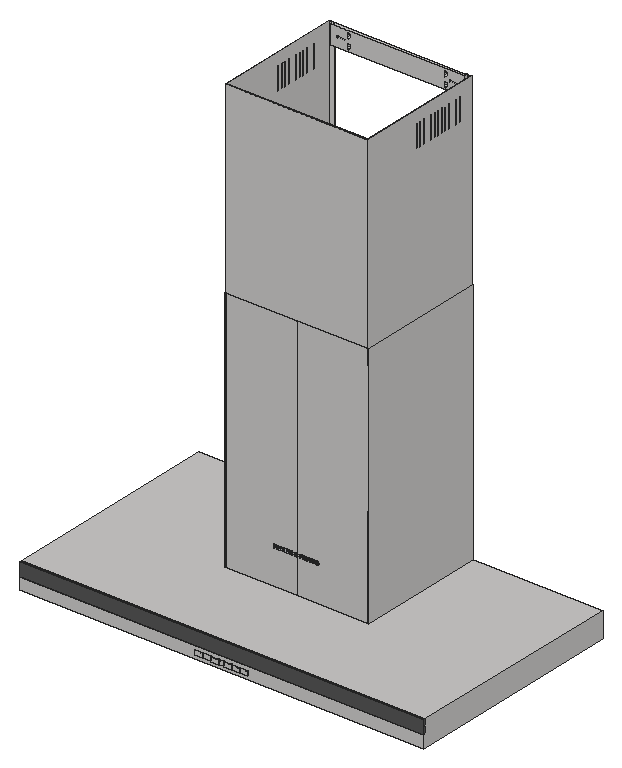
Revit family "FP_Revit_18_HC36DTXB2_N_Rangehood_90001864A", category Specialty Equipment, Revit 2018
Family settings
  Round Connector Dimension = Use Diameter
  Part Type = Normal
  OmniClass Number = 23.40.40.00
  OmniClass Title = Food Service Equipment and Furnishings
  Work Plane-Based = No
  Always vertical = Yes
  Cut with Voids When Loaded = Yes
  Shared = No
  Room Calculation Point = No
Parameters
  Visibility - Upper Chimney Extension [instance] = yes
  URL = "www.fisherpaykel.com"
  Product - Width = 900 mm  # constant formula
  Product - Height (635mm - 1022mm) Ducted [instance] = 1022 mm
  Product - Depth = 500 mm  # constant formula
  Model = "HC36DTXB2_N"
  Material - Display Panel = Fisher & Paykel - Glass, Black
  Material - Body = Fisher & Paykel - Stainless Steel
  Manufacturer = "Fisher & Paykel Appliances"
  FFL Offset [instance] = 1565 mm
  Description = "36\" Rangehood"
  Connector Description - Extraction = "6” (152 mm) diameter, rigid or semi-rigid ducting, 600 CFM"
  Connector Description - Electrical = "120 V, 60 Hz, 542 W"
  Chassis - Width = 320 mm  # constant formula
  Chassis - Height = 604 mm  # constant formula
  Chassis - Depth = 291 mm  # constant formula
Reference planes
  plane 1 "Datum": y = 0
  plane 2: z = 0
  plane 3 "Center (Left/Right)": x = 0
  plane 4 "Product LHS": x = -450
  plane 5 "Product RHS": x = 450
  plane 6 "Product - Depth": y = -500
  plane 7 "Cavity LHS": x = -160
  plane 8 "Cavity RHS": x = 160
  plane 9 "Chassis - Depth": y = -291
  plane 10 "FFL Offset": z = 1565
  plane 11 "Product - Height": z = 2587
Forms (mm)
  Extrusion 1, solid, material "Fisher & Paykel - Stainless Steel" <- "Material - Body"
    sketch origin (0, 0, 0) x (1, 0, 0) y (0, 1, 0)
      loop
        line (-145, 0) -> (-160, 0) -> (-160, -291) -> (0, -291) -> (160, -291) -> (160, 0) -> (145, 0) -> (145, -1) -> (159, -1) -> (159, -290) -> (-159, -290) -> (-159, -1) -> (-145, -1) -> (-145, 0)
    from 1621 to 2169
  Extrusion 2, solid, material "Fisher & Paykel - Stainless Steel" <- "Material - Body", visible <- "Visibility - Upper Chimney Extension"
    sketch origin (0, 0, 0) x (1, 0, 0) y (0, 1, 0)
      loop
        line (-158, -3) -> (-145, -3) -> (-145, -2) -> (-159, -2) -> (-159, -290) -> (159, -290) -> (159, -2) -> (145, -2) -> (145, -3) -> (158, -3) -> (158, -289.044) -> (-158, -289.044) -> (-158, -3)
    from 2136 to 2587
  Extrusion 3, solid, material "Fisher & Paykel - Stainless Steel" <- "Material - Body"
    sketch origin (0, 0, 0) x (1, 0, 0) y (0, 1, 0)
      loop
        line (-450, 0) -> (-450, -500) -> (450, -500) -> (450, 0) -> (-450, 0)
    from 1565 to 1621
  Extrusion 4, void
    sketch origin (0, 0, 0) x (0, 1, 0) y (0, 0, 1)
      loop
        line (-500, 1621) -> (-500, 1592.5) -> (-495, 1592.5) -> (-495, 1621) -> (-500, 1621)
    from -450 to 450
  Extrusion 5, solid, material "Fisher & Paykel - Glass, Black" <- "Material - Display Panel", detail levels fine
    sketch origin (0, 0, 1000) x (0, 1, 0) y (0, 0, 1)
      loop
        line (-495, 592.5) -> (-495, 621) -> (-500, 621) -> (-500, 592.5) -> (-495, 592.5)
    from -450 to 450
  Extrusion 6, solid, material "Fisher & Paykel - Stainless Steel" <- "Material - Body"
    sketch origin (0, 0, 0) x (1, 0, 0) y (0, 1, 0)
      loop
        line (159, -1) -> (-159, -1) -> (-159, -290) -> (159, -290) -> (159, -1)
    from 1621 to 1844.3
  Extrusion 7, solid, material "Fisher & Paykel - Stainless Steel" <- "Material - Body"
    sketch origin (0, 0, 0) x (1, 0, 0) y (0, 1, 0)
      loop
        circle (0, -83.502) r 73.896
      loop
        circle (0, -83.502) r 75.04
    from 1844.3 to 1921.3
  Extrusion 8, solid, material "Fisher & Paykel - Stainless Steel" <- "Material - Body"
    sketch origin (0, 0, 0) x (1, 0, 0) y (0, 0, 1)
      loop
        line (-145, 1857) -> (-145, 1833) -> (145, 1833) -> (145, 1857) -> (-145, 1857)
      loop
        line (-127.5, 1848) -> (-127.5, 1846.33)
        arc (-127.5, 1846.33) -> (-125, 1837) -> (-122.5, 1846.33) r 5
        line (-122.5, 1846.33) -> (-122.5, 1848)
        arc (-122.5, 1848) -> (-125, 1850.5) -> (-127.5, 1848) r 2.5
      loop
        line (122.5, 1848) -> (122.5, 1846.33)
        arc (122.5, 1846.33) -> (125, 1837) -> (127.5, 1846.33) r 5
        line (127.5, 1846.33) -> (127.5, 1848)
        arc (127.5, 1848) -> (125, 1850.5) -> (122.5, 1848) r 2.5
    from 0 to 2
  Extrusion 9, solid, material "Fisher & Paykel - Stainless Steel" <- "Material - Body", visible <- "Visibility - Upper Chimney Extension"
    sketch origin (0, 0, 0) x (1, 0, 0) y (0, 0, 1)
      loop
        line (-150, 2544.811) -> (150, 2544.811) -> (150, 2587) -> (-150, 2587) -> (-150, 2544.811)
      loop
        line (104, 2578.5) -> (104, 2574.5)
        arc (104, 2574.5) -> (108, 2570.5) -> (112, 2574.5) r 4
        line (112, 2574.5) -> (112, 2578.5)
        arc (112, 2578.5) -> (108, 2582.5) -> (104, 2578.5) r 4
      loop
        arc (112, 2557.5) -> (108, 2561.5) -> (104, 2557.5) r 4
        line (104, 2557.5) -> (104, 2552.794)
        arc (104, 2552.794) -> (108, 2549.544) -> (112, 2552.794) r 4.087
        line (112, 2552.794) -> (112, 2557.5)
      loop
        arc (117.5, 2568.5) -> (115, 2566) -> (117.5, 2563.5) r 2.5
        line (117.5, 2563.5) -> (132.5, 2563.5)
        arc (132.5, 2563.5) -> (135, 2566) -> (132.5, 2568.5) r 2.5
        line (132.5, 2568.5) -> (117.5, 2568.5)
      loop
        arc (-104, 2578.5) -> (-108, 2582.5) -> (-112, 2578.5) r 4
        line (-112, 2578.5) -> (-112, 2574.5)
        arc (-112, 2574.5) -> (-108, 2570.5) -> (-104, 2574.5) r 4
        line (-104, 2574.5) -> (-104, 2578.5)
      loop
        line (-112, 2557.5) -> (-112, 2552.794)
        arc (-112, 2552.794) -> (-108, 2549.544) -> (-104, 2552.794) r 4.087
        line (-104, 2552.794) -> (-104, 2557.5)
        arc (-104, 2557.5) -> (-108, 2561.5) -> (-112, 2557.5) r 4
      loop
        line (-117.5, 2568.5) -> (-132.5, 2568.5)
        arc (-132.5, 2568.5) -> (-135, 2566) -> (-132.5, 2563.5) r 2.5
        line (-132.5, 2563.5) -> (-117.5, 2563.5)
        arc (-117.5, 2563.5) -> (-115, 2566) -> (-117.5, 2568.5) r 2.5
    from 3 to 9
  Extrusion 10, void
    sketch origin (0, 0, 0) x (0, 1, 0) y (0, 0, 1)
      loop
        line (-158, 2559.5) -> (-158, 2509.5)
        arc (-158, 2509.5) -> (-155.5, 2507) -> (-153, 2509.5) r 2.5
        line (-153, 2509.5) -> (-153, 2559.5)
        arc (-153, 2559.5) -> (-155.5, 2562) -> (-158, 2559.5) r 2.5
      loop
        line (-148, 2559.5) -> (-148, 2509.5)
        arc (-148, 2509.5) -> (-145.5, 2507) -> (-143, 2509.5) r 2.5
        line (-143, 2509.5) -> (-143, 2559.5)
        arc (-143, 2559.5) -> (-145.5, 2562) -> (-148, 2559.5) r 2.5
      loop
        line (-138, 2559.5) -> (-138, 2509.5)
        arc (-138, 2509.5) -> (-135.5, 2507) -> (-133, 2509.5) r 2.5
        line (-133, 2509.5) -> (-133, 2559.5)
        arc (-133, 2559.5) -> (-135.5, 2562) -> (-138, 2559.5) r 2.5
      loop
        line (-128, 2559.5) -> (-128, 2509.5)
        arc (-128, 2509.5) -> (-125.5, 2507) -> (-123, 2509.5) r 2.5
        line (-123, 2509.5) -> (-123, 2559.5)
        arc (-123, 2559.5) -> (-125.5, 2562) -> (-128, 2559.5) r 2.5
      loop
        line (-118, 2559.5) -> (-118, 2509.5)
        arc (-118, 2509.5) -> (-115.5, 2507) -> (-113, 2509.5) r 2.5
        line (-113, 2509.5) -> (-113, 2559.5)
        arc (-113, 2559.5) -> (-115.5, 2562) -> (-118, 2559.5) r 2.5
      loop
        line (-108, 2559.5) -> (-108, 2509.5)
        arc (-108, 2509.5) -> (-105.5, 2507) -> (-103, 2509.5) r 2.5
        line (-103, 2509.5) -> (-103, 2559.5)
        arc (-103, 2559.5) -> (-105.5, 2562) -> (-108, 2559.5) r 2.5
      loop
        line (-98, 2559.5) -> (-98, 2509.5)
        arc (-98, 2509.5) -> (-95.5, 2507) -> (-93, 2509.5) r 2.5
        line (-93, 2509.5) -> (-93, 2559.5)
        arc (-93, 2559.5) -> (-95.5, 2562) -> (-98, 2559.5) r 2.5
      loop
        line (-88, 2559.5) -> (-88, 2509.5)
        arc (-88, 2509.5) -> (-85.5, 2507) -> (-83, 2509.5) r 2.5
        line (-83, 2509.5) -> (-83, 2559.5)
        arc (-83, 2559.5) -> (-85.5, 2562) -> (-88, 2559.5) r 2.5
      loop
        line (-78, 2559.5) -> (-78, 2509.5)
        arc (-78, 2509.5) -> (-75.5, 2507) -> (-73, 2509.5) r 2.5
        line (-73, 2509.5) -> (-73, 2559.5)
        arc (-73, 2559.5) -> (-75.5, 2562) -> (-78, 2559.5) r 2.5
      loop
        line (-68, 2559.5) -> (-68, 2509.5)
        arc (-68, 2509.5) -> (-65.5, 2507) -> (-63, 2509.5) r 2.5
        line (-63, 2509.5) -> (-63, 2559.5)
        arc (-63, 2559.5) -> (-65.5, 2562) -> (-68, 2559.5) r 2.5
      loop
        line (-58, 2559.5) -> (-58, 2509.5)
        arc (-58, 2509.5) -> (-55.5, 2507) -> (-53, 2509.5) r 2.5
        line (-53, 2509.5) -> (-53, 2559.5)
        arc (-53, 2559.5) -> (-55.5, 2562) -> (-58, 2559.5) r 2.5
      loop
        line (-48, 2559.5) -> (-48, 2509.5)
        arc (-48, 2509.5) -> (-45.5, 2507) -> (-43, 2509.5) r 2.5
        line (-43, 2509.5) -> (-43, 2559.5)
        arc (-43, 2559.5) -> (-45.5, 2562) -> (-48, 2559.5) r 2.5
      loop
        line (-38, 2559.5) -> (-38, 2509.5)
        arc (-38, 2509.5) -> (-35.5, 2507) -> (-33, 2509.5) r 2.5
        line (-33, 2509.5) -> (-33, 2559.5)
        arc (-33, 2559.5) -> (-35.5, 2562) -> (-38, 2559.5) r 2.5
    from -159 to 159
  Extrusion 11, solid, material "Fisher & Paykel - Stainless Steel" <- "Material - Body", detail levels fine
    sketch origin (0, 0, 1000) x (1, 0, 0) y (0, 0, 1)
      loop
        line (-59, 583) -> (-59, 573) -> (-41.5, 573) -> (-41.5, 583) -> (-59, 583)
      loop
        line (-41, 583) -> (-41, 573) -> (-23.5, 573) -> (-23.5, 583) -> (-41, 583)
      loop
        line (-23, 583) -> (-23, 573) -> (-5.5, 573) -> (-5.5, 583) -> (-23, 583)
      loop
        line (-5, 583) -> (-5, 573) -> (5, 573) -> (5, 583) -> (-5, 583)
      loop
        line (59, 583) -> (41.5, 583) -> (41.5, 573) -> (59, 573) -> (59, 583)
      loop
        line (41, 583) -> (23.5, 583) -> (23.5, 573) -> (41, 573) -> (41, 583)
      loop
        line (23, 583) -> (5.5, 583) -> (5.5, 573) -> (23, 573) -> (23, 583)
    from 500 to 501
  Extrusion 12, solid, material "Fisher & Paykel - Stainless Steel" <- "Material - Body"
    sketch origin (0, 0, 0) x (1, 0, 0) y (0, 0, 1)
      loop
        line (145, 2131) -> (-145.5, 2131) -> (-145.5, 2091) -> (145, 2091) -> (145, 2131)
      loop
        line (125, 2113.5) -> (110, 2113.5)
        arc (110, 2113.5) -> (107.5, 2111) -> (110, 2108.5) r 2.5
        line (110, 2108.5) -> (125, 2108.5)
        arc (125, 2108.5) -> (127.5, 2111) -> (125, 2113.5) r 2.5
      loop
        line (-110.5, 2113.5) -> (-125.5, 2113.5)
        arc (-125.5, 2113.5) -> (-128, 2111) -> (-125.5, 2108.5) r 2.5
        line (-125.5, 2108.5) -> (-110.5, 2108.5)
        arc (-110.5, 2108.5) -> (-108, 2111) -> (-110.5, 2113.5) r 2.5
    from 2 to 9
  Extrusion 13, solid, material "Fisher & Paykel - Stainless Steel" <- "Material - Body"
    sketch origin (0, 0, 0) x (1, 0, 0) y (0, 0, 1)
      loop
        line (107.5, 1844.3) -> (108.5, 1844.3) -> (108.5, 1970.3) -> (66.5, 1970.3) -> (66.5, 1880.3) -> (107.5, 1880.3) -> (107.5, 1844.3)
    from 126.369 to 163.604
  Extrusion 14, solid, material "Fisher & Paykel - Stainless Steel" <- "Material - Body"
    sketch origin (0, 0, 0) x (1, 0, 0) y (0, 1, 0)
      loop
        circle (87.5, -146) r 6.01
      loop
        circle (87.5, -146) r 12.005
    from 1970.3 to 1972.3
  Extrusion 15, void
    sketch origin (0, 0, 0) x (1, 0, 0) y (0, 1, 0)
      loop
        line (-390.5, -403) -> (390.5, -403) -> (390.5, -81) -> (-390.5, -81) -> (-390.5, -403)
      loop
        circle (-117, -47) r 25
      loop
        circle (117, -47) r 25
    from 1565 to 1574
  Extrusion 16, solid, material "Fisher & Paykel - Stainless Steel" <- "Material - Body", detail levels fine
    sketch origin (0, 0, 0) x (1, 0, 0) y (0, 1, 0)
      loop
        line (389, -82.5) -> (130.5, -82.5) -> (130.5, -401.5) -> (389, -401.5) -> (389, -82.5)
      loop
        line (140.5, -391) -> (241, -391) -> (241, -347.5) -> (278, -347.5) -> (278, -391) -> (379, -391) -> (379, -93) -> (140.5, -93) -> (140.5, -391)
      loop
        line (270, -353.5) -> (249, -353.5) -> (249, -391) -> (270, -391) -> (270, -353.5)
      loop
        line (-388.997, -82.5) -> (-388.997, -401.5) -> (-130.497, -401.5) -> (-130.497, -82.5) -> (-388.997, -82.5)
      loop
        line (-140.497, -391) -> (-140.497, -93) -> (-378.997, -93) -> (-378.997, -391) -> (-278.497, -391) -> (-278.497, -347.5) -> (-241.497, -347.5) -> (-241.497, -391) -> (-140.497, -391)
      loop
        line (-270.497, -353.5) -> (-270.497, -391) -> (-249.497, -391) -> (-249.497, -353.5) -> (-270.497, -353.5)
      loop
        line (129, -82.5) -> (-129, -82.5) -> (-129, -401.5) -> (129, -401.5) -> (129, -82.5)
      loop
        line (-119, -391) -> (-18.5, -391) -> (-18.5, -347.5) -> (18.5, -347.5) -> (18.5, -391) -> (119, -391) -> (119, -93) -> (-119, -93) -> (-119, -391)
      loop
        line (10.5, -353.5) -> (-10.5, -353.5) -> (-10.5, -391) -> (10.5, -391) -> (10.5, -353.5)
    from 1565 to 1574
  Extrusion 17, solid, material "Fisher & Paykel - Aluminium", detail levels medium+fine
    sketch origin (0, 0, 0) x (1, 0, 0) y (0, 1, 0)
      loop
        line (379, -93) -> (140.5, -93) -> (140.5, -391) -> (241, -391) -> (241, -347.5) -> (278, -347.5) -> (278, -391) -> (379, -391) -> (379, -93)
      loop
        line (119, -93) -> (-119, -93) -> (-119, -391) -> (-18.5, -391) -> (-18.5, -347.5) -> (18.5, -347.5) -> (18.5, -391) -> (119, -391) -> (119, -93)
      loop
        line (-140.497, -93) -> (-378.997, -93) -> (-378.997, -391) -> (-278.497, -391) -> (-278.497, -347.5) -> (-241.497, -347.5) -> (-241.497, -391) -> (-140.497, -391) -> (-140.497, -93)
    from 1565 to 1574
  Extrusion 18, solid, material "Fisher & Paykel - Bezel White", detail levels fine
    sketch origin (0, 0, 0) x (1, 0, 0) y (0, 1, 0)
      loop
        circle (-117, -47) r 22
      loop
        circle (117, -47) r 22
    from 1565 to 1574
  Extrusion 19, void
    sketch origin (0, 0, 0) x (1, 0, 0) y (0, 0, 1)
      loop
        circle (318, 1588) r 2.5
      loop
        circle (151.014, 2092) r 3.5
      loop
        circle (-318, 1588) r 2.5
      loop
        circle (-151.014, 2092) r 3.5
    from 0 to 7
  Extrusion 20, solid, material "Fisher & Paykel - Stainless Steel" <- "Material - Body", detail levels fine
    sketch origin (0, 0, 0) x (1, 0, 0) y (0, 1, 0)
      loop
        circle (-117, -47) r 22
      loop
        circle (-117, -47) r 25
      loop
        circle (117, -47) r 22
      loop
        circle (117, -47) r 25
    from 1565 to 1574
Cuts and joins
  Extrusion 4, Extrusion 15, Extrusion 19 cuts Extrusion 3
  Extrusion 10 cuts Extrusion 2
  Extrusion 19 cuts Extrusion 1
Text (mm)
  text "Due to ongoing product development, product details are subject to change without notice. \nPlease always refer to www.fisherpaykel.com for the most current product information. \n© Fisher & Paykel 2020" at (41.04, -1225.549, 0), in view "Ref. Level (Plan)"
Dimensions and locks
  equal spacing: plane 4 "Product LHS", plane 3 "Center (Left/Right)", plane 5 "Product RHS"
  "Product - Width": plane 4 "Product LHS" to plane 5 "Product RHS"
  equal spacing: plane 7 "Cavity LHS", plane 3 "Center (Left/Right)", plane 8 "Cavity RHS"
  "Chassis - Width": plane 7 "Cavity LHS" to plane 8 "Cavity RHS"
  locked: Extrusion 1 sketch curve to Extrusion 1 sketch curve at 1  (x3)
  locked: Extrusion 2 to Extrusion 2 at 451
  "Product - Depth": plane 6 "Product - Depth" to plane 1 "Datum"
  "FFL Offset": plane 10 "FFL Offset" to level
  "Chassis - Height": Extrusion 1 to plane 10 "FFL Offset"
  locked: Extrusion 7 to plane 10 "FFL Offset" at 356.3
  locked: cut or joined group of Extrusion 3, Extrusion 4, Extrusion 15, Extrusion 19 to plane 10 "FFL Offset" at 56
  cut or joined group of Extrusion 3, Extrusion 4, Extrusion 15, Extrusion 19 to Extrusion 13 sketch curve = 259.3 mm
  cut or joined group of Extrusion 3, Extrusion 4, Extrusion 15, Extrusion 19 to Extrusion 13 sketch curve = 349.3 mm
  locked: cut or joined group of Extrusion 3, Extrusion 4, Extrusion 15, Extrusion 19 to plane 10 "FFL Offset" at 9
  locked: Extrusion 14 to plane 10 "FFL Offset" at 407.3
  locked: Extrusion 5 to plane 10 "FFL Offset" at 27.5
  locked: plane 10 "FFL Offset" to nested 1 at 134.155
  locked: Extrusion 11 to plane 10 "FFL Offset" at 8
  locked: Extrusion 11 to plane 10 "FFL Offset" at 18
  locked: plane 10 "FFL Offset" to cut or joined group of Extrusion 3, Extrusion 4, Extrusion 15, Extrusion 19 at 23
  locked: plane 10 "FFL Offset" to cut or joined group of Extrusion 1, Extrusion 19 at 527
  locked: Extrusion 6 to plane 10 "FFL Offset" at 279.3
  locked: Extrusion 13 to plane 10 "FFL Offset" at 405.3
  locked: plane 10 "FFL Offset" to Extrusion 12 at 526
  locked: plane 10 "FFL Offset" to Extrusion 12 at 566
  "Product - Height (635mm - 1022mm) Ducted": plane 11 "Product - Height" to plane 10 "FFL Offset"
  locked: plane 11 "Product - Height" to Extrusion 10 sketch curve at 27.5
  locked: plane 11 "Product - Height" to Extrusion 10 sketch curve at 77.5
  locked: Extrusion 9 sketch curve to plane 11 "Product - Height" at 42.189
  locked: Extrusion 9 sketch curve to plane 11 "Product - Height" at 21
  "Chassis - Depth": plane 1 "Datum" to plane 9 "Chassis - Depth"
  aligned and locked: level to plane 2
  aligned and locked: Extrusion 1 sketch curve to plane 7 "Cavity LHS"
  aligned and locked: plane 8 "Cavity RHS" to Extrusion 1 sketch curve
  aligned and locked: plane 1 "Datum" to Extrusion 1 sketch curve  (x2)
  aligned and locked: plane 9 "Chassis - Depth" to Extrusion 1 sketch curve
  aligned and locked: plane 5 "Product RHS" to Extrusion 3 sketch curve
  aligned and locked: plane 1 "Datum" to Extrusion 3 sketch curve
  aligned and locked: Extrusion 3 sketch curve to plane 4 "Product LHS"
  aligned and locked: plane 6 "Product - Depth" to Extrusion 3 sketch curve
  aligned and locked: plane 6 "Product - Depth" to Extrusion 4 sketch curve
  aligned and locked: Extrusion 4 sketch curve to cut or joined group of Extrusion 3, Extrusion 4, Extrusion 15, Extrusion 19
  aligned and locked: Extrusion 4 to plane 5 "Product RHS"
  aligned and locked: plane 4 "Product LHS" to Extrusion 4
  aligned and locked: cut or joined group of Extrusion 3, Extrusion 4, Extrusion 15, Extrusion 19 to Extrusion 5
  aligned and locked: Extrusion 5 to cut or joined group of Extrusion 3, Extrusion 4, Extrusion 15, Extrusion 19
  aligned and locked: Extrusion 1 to Extrusion 6
  aligned and locked: Extrusion 7 to Extrusion 6
  aligned and locked: Extrusion 10 to Extrusion 1  (x2)
  aligned and locked: plane 6 "Product - Depth" to Extrusion 11
  aligned and locked: Extrusion 9 sketch curve to Extrusion 9 sketch curve
  aligned and locked: Extrusion 3 to plane 10 "FFL Offset"
  aligned and locked: Extrusion 6 to cut or joined group of Extrusion 3, Extrusion 4, Extrusion 15, Extrusion 19
  aligned and locked: Extrusion 13 sketch curve to Extrusion 6
  aligned and locked: Extrusion 3 to Extrusion 15
  aligned and locked: cut or joined group of Extrusion 3, Extrusion 4, Extrusion 15, Extrusion 19 to Extrusion 16  (x2)
  aligned and locked: cut or joined group of Extrusion 3, Extrusion 4, Extrusion 15, Extrusion 19 to Extrusion 17  (x2)
  aligned and locked: Extrusion 18 to Extrusion 17
  aligned and locked: cut or joined group of Extrusion 3, Extrusion 4, Extrusion 15, Extrusion 19 to Extrusion 18
  aligned and locked: Extrusion 4 to Extrusion 5
  aligned and locked: Extrusion 1 to Extrusion 5
  aligned and locked: plane 11 "Product - Height" to Extrusion 9
  aligned and locked: plane 11 "Product - Height" to cut or joined group of Extrusion 2, Extrusion 10
  aligned and locked: plane 11 "Product - Height" to Extrusion 9 sketch curve
  aligned and locked: Extrusion 14 to Extrusion 13
  aligned and locked: Extrusion 20 to cut or joined group of Extrusion 3, Extrusion 4, Extrusion 15, Extrusion 19
  aligned and locked: Extrusion 20 to plane 10 "FFL Offset"
Automatic sketch dimensions
  Extrusion 1 sketch curve to plane 3 "Center (Left/Right)" = 0 mm
  plane 1 "Datum" to Extrusion 1 sketch curve = 1 mm  (x2)
  Extrusion 1 sketch curve to Extrusion 1 sketch curve = 14 mm
  plane 8 "Cavity RHS" to Extrusion 1 sketch curve = 15 mm
  plane 6 "Product - Depth" to Extrusion 4 sketch curve = 5 mm
  level to Extrusion 4 sketch curve = 1592.5 mm
  Extrusion 5 sketch curve to Extrusion 5 sketch curve = 28.5 mm
  Extrusion 6 sketch curve to plane 7 "Cavity LHS" = 1 mm
  plane 8 "Cavity RHS" to Extrusion 6 sketch curve = 1 mm
  plane 9 "Chassis - Depth" to Extrusion 6 sketch curve = 1 mm
  plane 1 "Datum" to Extrusion 6 sketch curve = 1 mm
  Extrusion 7 sketch curve to Extrusion 7 sketch curve = 0 mm  (x2)
  Extrusion 7 sketch curve to plane 3 "Center (Left/Right)" = 0 mm
  plane 1 "Datum" to Extrusion 7 sketch curve = 83.502 mm
  Extrusion 2 sketch curve to plane 7 "Cavity LHS" = 1 mm
  Extrusion 2 sketch curve to Extrusion 2 sketch curve = 1 mm  (x3)
  plane 1 "Datum" to Extrusion 2 sketch curve = 3 mm  (x2)
  Extrusion 2 sketch curve to Extrusion 2 sketch curve = 13 mm
  plane 8 "Cavity RHS" to Extrusion 2 sketch curve = 15 mm
  plane 8 "Cavity RHS" to Extrusion 2 sketch curve = 2 mm
  plane 8 "Cavity RHS" to Extrusion 2 sketch curve = 1 mm
  plane 9 "Chassis - Depth" to Extrusion 2 sketch curve = 1.956 mm
  plane 9 "Chassis - Depth" to Extrusion 2 sketch curve = 1 mm
  Extrusion 8 sketch curve to plane 7 "Cavity LHS" = 15 mm
  Extrusion 8 sketch curve to Extrusion 8 sketch curve = 17.5 mm
  Extrusion 8 sketch curve to Extrusion 8 sketch curve = 2.5 mm  (x4)
  plane 8 "Cavity RHS" to Extrusion 8 sketch curve = 37.5 mm
  plane 8 "Cavity RHS" to Extrusion 8 sketch curve = 15 mm
  Extrusion 8 sketch curve to Extrusion 8 sketch curve = 9 mm  (x3)
  Extrusion 8 sketch curve to Extrusion 8 sketch curve = 4.33 mm  (x2)
  Extrusion 8 sketch curve to Extrusion 8 sketch curve = 1.67 mm  (x2)
  plane 1 "Datum" to Extrusion 10 sketch curve = 158 mm
  Extrusion 10 sketch curve to Extrusion 10 sketch curve = 2.5 mm  (x13)
  Extrusion 10 sketch curve to Extrusion 10 sketch curve = 5 mm  (x12)
  Extrusion 10 sketch curve to Extrusion 10 sketch curve = 0 mm  (x24)
  Extrusion 11 sketch curve to Extrusion 11 sketch curve = 17.5 mm  (x6)
  Extrusion 11 sketch curve to Extrusion 11 sketch curve = 0.5 mm  (x6)
  Extrusion 11 sketch curve to Extrusion 11 sketch curve = 0 mm  (x10)
  Extrusion 11 sketch curve to Extrusion 11 sketch curve = 10 mm  (x4)
  Extrusion 12 sketch curve to plane 4 "Product LHS" = 304.5 mm
  Extrusion 12 sketch curve to Extrusion 12 sketch curve = 20 mm  (x2)
  Extrusion 12 sketch curve to Extrusion 12 sketch curve = 15 mm  (x2)
  Extrusion 12 sketch curve to plane 7 "Cavity LHS" = 270 mm
  Extrusion 12 sketch curve to Extrusion 12 sketch curve = 17.5 mm  (x3)
  Extrusion 12 sketch curve to Extrusion 12 sketch curve = 2.5 mm  (x2)
  Extrusion 14 sketch curve to Extrusion 14 sketch curve = 0 mm  (x2)
  plane 8 "Cavity RHS" to Extrusion 14 sketch curve = 72.5 mm
  plane 1 "Datum" to Extrusion 14 sketch curve = 146 mm
  Extrusion 16 sketch curve to plane 4 "Product LHS" = 61.003 mm
  Extrusion 16 sketch curve to Extrusion 16 sketch curve = 10 mm  (x6)
  Extrusion 16 sketch curve to Extrusion 16 sketch curve = 100.5 mm
  Extrusion 16 sketch curve to Extrusion 16 sketch curve = 8 mm  (x6)
  Extrusion 16 sketch curve to Extrusion 16 sketch curve = 21 mm  (x2)
  Extrusion 16 sketch curve to plane 7 "Cavity LHS" = 19.503 mm
  Extrusion 16 sketch curve to Extrusion 16 sketch curve = 1.497 mm
  Extrusion 16 sketch curve to plane 3 "Center (Left/Right)" = 18.5 mm
  plane 3 "Center (Left/Right)" to Extrusion 16 sketch curve = 10.5 mm
  plane 8 "Cavity RHS" to Extrusion 16 sketch curve = 41 mm
  Extrusion 16 sketch curve to Extrusion 16 sketch curve = 1.5 mm
  Extrusion 16 sketch curve to plane 8 "Cavity RHS" = 81 mm
  plane 5 "Product RHS" to Extrusion 16 sketch curve = 71 mm
  plane 1 "Datum" to Extrusion 16 sketch curve = 401.5 mm
  Extrusion 16 sketch curve to Extrusion 16 sketch curve = 0 mm  (x8)
  Extrusion 16 sketch curve to Extrusion 16 sketch curve = 10.5 mm  (x7)
  Extrusion 16 sketch curve to Extrusion 16 sketch curve = 37.5 mm  (x3)
  Extrusion 16 sketch curve to Extrusion 16 sketch curve = 6 mm  (x3)
  Extrusion 16 sketch curve to Extrusion 16 sketch curve = 254.5 mm  (x2)
  Extrusion 17 sketch curve to plane 4 "Product LHS" = 71.003 mm
  Extrusion 17 sketch curve to Extrusion 17 sketch curve = 100.5 mm
  Extrusion 17 sketch curve to Extrusion 17 sketch curve = 37 mm  (x2)
  Extrusion 17 sketch curve to plane 7 "Cavity LHS" = 19.503 mm
  Extrusion 17 sketch curve to Extrusion 17 sketch curve = 21.497 mm
  Extrusion 17 sketch curve to plane 3 "Center (Left/Right)" = 18.5 mm
  plane 3 "Center (Left/Right)" to Extrusion 17 sketch curve = 18.5 mm
  plane 8 "Cavity RHS" to Extrusion 17 sketch curve = 41 mm
  plane 8 "Cavity RHS" to Extrusion 17 sketch curve = 19.5 mm
  Extrusion 17 sketch curve to plane 8 "Cavity RHS" = 81 mm
  plane 5 "Product RHS" to Extrusion 17 sketch curve = 71 mm
  Extrusion 17 sketch curve to plane 9 "Chassis - Depth" = 100 mm  (x3)
  Extrusion 17 sketch curve to Extrusion 17 sketch curve = 0 mm  (x4)
  Extrusion 17 sketch curve to Extrusion 17 sketch curve = 43.5 mm  (x3)
  plane 1 "Datum" to Extrusion 17 sketch curve = 93 mm  (x2)
  plane 3 "Center (Left/Right)" to Extrusion 13 sketch curve = 66.5 mm
  Extrusion 13 sketch curve to Extrusion 13 sketch curve = 41 mm
  Extrusion 13 sketch curve to Extrusion 13 sketch curve = 1 mm
  Extrusion 5 sketch curve to Extrusion 5 sketch curve = 5 mm
  Extrusion 5 sketch curve to plane 6 "Product - Depth" = 0 mm
  plane 10 "FFL Offset" to Extrusion 5 sketch curve = 27.5 mm
  plane 10 "FFL Offset" to Extrusion 11 sketch curve = 8 mm
  Extrusion 11 sketch curve to plane 3 "Center (Left/Right)" = 59 mm
  plane 10 "FFL Offset" to Extrusion 8 sketch curve = 268 mm
  plane 10 "FFL Offset" to Extrusion 19 sketch curve = 23 mm  (x2)
  Extrusion 19 sketch curve to plane 4 "Product LHS" = 132 mm
  Extrusion 19 sketch curve to plane 7 "Cavity LHS" = 8.986 mm
  plane 8 "Cavity RHS" to Extrusion 19 sketch curve = 8.986 mm
  plane 5 "Product RHS" to Extrusion 19 sketch curve = 132 mm
  Extrusion 19 sketch curve to Extrusion 19 sketch curve = 0 mm
  plane 10 "FFL Offset" to Extrusion 12 sketch curve = 526 mm
  plane 10 "FFL Offset" to Extrusion 19 sketch curve = 527 mm
  Extrusion 9 sketch curve to plane 7 "Cavity LHS" = 10 mm
  Extrusion 9 sketch curve to Extrusion 9 sketch curve = 17.5 mm
  Extrusion 9 sketch curve to Extrusion 9 sketch curve = 15 mm  (x2)
  Extrusion 9 sketch curve to Extrusion 9 sketch curve = 5.5 mm  (x3)
  Extrusion 9 sketch curve to Extrusion 9 sketch curve = 4 mm  (x6)
  Extrusion 9 sketch curve to Extrusion 9 sketch curve = 0 mm  (x3)
  Extrusion 9 sketch curve to plane 11 "Product - Height" = 8.5 mm
  plane 8 "Cavity RHS" to Extrusion 9 sketch curve = 56 mm
  plane 8 "Cavity RHS" to Extrusion 9 sketch curve = 10 mm
  Extrusion 9 sketch curve to Extrusion 9 sketch curve = 6 mm  (x4)
  Extrusion 9 sketch curve to Extrusion 9 sketch curve = 2.5 mm
  Extrusion 9 sketch curve to Extrusion 9 sketch curve = 3.87 mm  (x2)
  Extrusion 9 sketch curve to Extrusion 9 sketch curve = 0.837 mm  (x2)
  Extrusion 15 sketch curve to plane 4 "Product LHS" = 59.5 mm
  Extrusion 15 sketch curve to plane 7 "Cavity LHS" = 43 mm
  plane 8 "Cavity RHS" to Extrusion 15 sketch curve = 43 mm
  plane 5 "Product RHS" to Extrusion 15 sketch curve = 59.5 mm
  plane 6 "Product - Depth" to Extrusion 15 sketch curve = 97 mm
  plane 1 "Datum" to Extrusion 15 sketch curve = 81 mm
  plane 1 "Datum" to Extrusion 15 sketch curve = 47 mm  (x2)
  Extrusion 18 sketch curve to plane 7 "Cavity LHS" = 43 mm
  plane 8 "Cavity RHS" to Extrusion 18 sketch curve = 43 mm
  plane 1 "Datum" to Extrusion 18 sketch curve = 47 mm  (x2)
  Extrusion 20 sketch curve to Extrusion 20 sketch curve = 0 mm  (x4)
  Extrusion 20 sketch curve to plane 7 "Cavity LHS" = 43 mm
  plane 8 "Cavity RHS" to Extrusion 20 sketch curve = 43 mm
  plane 1 "Datum" to Extrusion 20 sketch curve = 47 mm  (x2)
  radius of Extrusion 7 sketch curve = 73.896 mm
  radius of Extrusion 7 sketch curve = 75.04 mm
  radius of Extrusion 14 sketch curve = 6.01 mm
  radius of Extrusion 14 sketch curve = 12.005 mm
  radius of Extrusion 19 sketch curve = 2.5 mm  (x2)
  radius of Extrusion 19 sketch curve = 3.5 mm  (x2)
  radius of Extrusion 15 sketch curve = 25 mm  (x2)
  radius of Extrusion 18 sketch curve = 22 mm  (x2)
  radius of Extrusion 20 sketch curve = 22 mm  (x2)
  radius of Extrusion 20 sketch curve = 25 mm  (x2)
Nested families
  nested 1: "F&P Logo 100mm" at (0.236, -291, 1699.263), type "Grey"
Connectors
  hvac at (0, -83.502, 1921.3), driven by "Connector Description - Extraction"
    settings: on Extrusion 7, index 1, duct flow 0.0 L/s, flow factor 0, pres drop 0.0 Pa, loss coef 0, conn angle 0.00°, conn width 304.8 mm, conn height 304.8 mm, conn diameter 150 mm, duct sys type 3, conn prof type 0, flow config 0, flow direction 2, loss method 0, conn ref index -1, conn util no, is conn primary yes, conn desc "6” (152 mm) diameter, rigid or semi-rigid ducting, 600 CFM"
  electrical at (87.5, -146, 1972.3), driven by "Connector Description - Electrical"
    settings: on Extrusion 14, index 2, voltage 120 V, apparent load 0 VA, apparent load phase1 0 VA, apparent load phase2 0 VA, apparent load phase3 0 VA, power factor 1, load classification "Other", number of poles 1, system type 30, power factor state 1, is connector primary yes, connector utility no, sub classification motor no, connector description "120 V, 60 Hz, 542 W"
Definition of nested family "F&P Logo 100mm"
  Parameters (values of type "Chrome")
    URL = "www.fisherpaykel.com"
    Material - Logo = none
    Manufacturer = "Fisher & Paykel Appliances"
  Types (3): name
    (no name)
    Chrome
    Grey
  Reference planes
    plane 1 "Center (Front/Back)": y = 0
    plane 2: z = 0
    plane 3 "Center (Left/Right)": x = 0
  Forms (mm)
    Extrusion 1, solid, material <- "Material - Logo", detail levels fine
      sketch origin (0, 0, 0) x (1, 0, 0) y (0, 0, 1)
        loop
          line (-50.044, 0) -> (-48.47, 0) -> (-48.47, 2.138) -> (-46.011, 2.138) -> (-46.011, 3.472) -> (-48.47, 3.472) -> (-48.47, 4.712) -> (-45.795, 4.712) -> (-45.795, 6.04) -> (-50.044, 6.04) -> (-50.044, 0)
        loop
          line (-42.804, 6.04) -> (-42.804, 0) -> (-41.23, 0) -> (-41.23, 6.04) -> (-42.804, 6.04)
        loop
          line (-30.724, 6.04) -> (-30.724, 0) -> (-29.151, 0) -> (-29.151, 2.42) -> (-26.839, 2.42) -> (-26.839, 0) -> (-25.265, 0) -> (-25.265, 6.04) -> (-26.839, 6.04) -> (-26.839, 3.748) -> (-29.151, 3.748) -> (-29.151, 6.04) -> (-30.724, 6.04)
        loop
          line (-21.906, 6.04) -> (-21.906, 0) -> (-17.602, 0) -> (-17.602, 1.328) -> (-20.347, 1.328) -> (-20.347, 2.42) -> (-17.838, 2.42) -> (-17.838, 3.748) -> (-20.347, 3.748) -> (-20.347, 4.712) -> (-17.602, 4.712) -> (-17.602, 6.04) -> (-21.906, 6.04)
        loop
          line (45.667, 6.04) -> (45.667, 0) -> (49.956, 0) -> (49.956, 1.328) -> (47.241, 1.328) -> (47.241, 6.04) -> (45.667, 6.04)
        loop
          line (42.431, 6.04) -> (38.112, 6.04) -> (38.112, 0) -> (42.431, 0) -> (42.431, 1.328) -> (39.687, 1.328) -> (39.687, 2.42) -> (42.195, 2.42) -> (42.195, 3.748) -> (39.687, 3.748) -> (39.687, 4.712) -> (42.431, 4.712) -> (42.431, 6.04)
        loop
          line (33.451, 3.148) -> (35.683, 6.04) -> (33.844, 6.04) -> (31.915, 3.542) -> (31.915, 6.04) -> (30.342, 6.04) -> (30.342, 0) -> (31.915, 0) -> (31.915, 2.705) -> (33.903, 0) -> (35.763, 0) -> (33.451, 3.148)
        loop
          line (21.98, 6.04) -> (24.262, 2.42) -> (24.262, 0) -> (25.837, 0) -> (25.837, 2.341) -> (28.119, 6.04) -> (26.446, 6.04) -> (25.099, 3.707) -> (23.753, 6.04) -> (21.98, 6.04)
        loop
          line (18.479, 6.04) -> (16.983, 6.04) -> (14.524, 0) -> (16.069, 0) -> (16.501, 1.112) -> (18.921, 1.112) -> (19.354, 0) -> (20.938, 0) -> (18.479, 6.04)
        loop
          line (18.4, 2.439) -> (17.693, 4.174) -> (17.018, 2.439) -> (18.4, 2.439)
        loop
          line (8.031, 6.04) -> (8.031, 0) -> (9.605, 0) -> (9.605, 1.938) -> (10.599, 1.938)
          arc (10.599, 1.938) -> (12.65, 3.989) -> (10.599, 6.04) r 2.051
          line (10.599, 6.04) -> (8.031, 6.04)
        loop
          line (9.605, 4.712) -> (9.605, 3.197) -> (10.501, 3.197)
          arc (10.501, 3.197) -> (11.259, 3.954) -> (10.501, 4.712) r 0.757
          line (10.501, 4.712) -> (9.605, 4.712)
        loop
          line (-11.783, 6.04) -> (-14.366, 6.04) -> (-14.366, 0) -> (-12.792, 0) -> (-12.792, 1.336) -> (-11.992, 1.336) -> (-10.972, 0) -> (-9.153, 0) -> (-10.694, 1.973)
          arc (-10.694, 1.973) -> (-9.678, 4.424) -> (-11.783, 6.04) r 2.179
        loop
          line (-11.897, 4.712) -> (-12.792, 4.712) -> (-12.792, 3.053) -> (-11.897, 3.053)
          arc (-11.897, 3.053) -> (-11.068, 3.882) -> (-11.897, 4.712) r 0.83
        loop
          line (0.477, 4.712) -> (0.477, 6.153) -> (-3.575, 6.153) -> (-3.575, 4.851) -> (-2.974, 4.112)
          arc (-2.974, 4.112) -> (-3.51, 0.684) -> (-0.045, 0.512) r 2.334
          line (-0.045, 0.512) -> (0.46, -0.109) -> (2.246, -0.109) -> (0.86, 1.594) -> (2.061, 3.324) -> (0.443, 3.324) -> (-0.013, 2.667) -> (-1.677, 4.712) -> (0.477, 4.712)
        loop
          arc (-2.125, 3.068) -> (-2.269, 1.668) -> (-0.868, 1.524) r 0.996
          line (-0.868, 1.524) -> (-2.125, 3.068)
        loop
          line (-35.18, 3.634) -> (-36.516, 3.91)
          arc (-36.516, 3.91) -> (-37.049, 4.443) -> (-36.516, 4.976) r 0.533
          arc (-36.516, 4.976) -> (-35.235, 4.79) -> (-34.059, 4.248) r 4.505
          line (-34.059, 4.248) -> (-34.059, 5.743)
          arc (-34.059, 5.743) -> (-35.549, 6.179) -> (-37.1, 6.109) r 4.726
          arc (-37.1, 6.109) -> (-38.536, 4.335) -> (-37.1, 2.561) r 1.814
          line (-37.1, 2.561) -> (-35.754, 2.282)
          arc (-35.754, 2.282) -> (-35.221, 1.749) -> (-35.754, 1.216) r 0.533
          arc (-35.754, 1.216) -> (-37.035, 1.402) -> (-38.211, 1.945) r 4.505
          line (-38.211, 1.945) -> (-38.211, 0.449)
          arc (-38.211, 0.449) -> (-36.72, 0.013) -> (-35.169, 0.083) r 4.726
          arc (-35.169, 0.083) -> (-33.734, 1.863) -> (-35.18, 3.634) r 1.814
      from 0 to 0.8
  Dimensions and locks
    aligned and locked: level to plane 2
